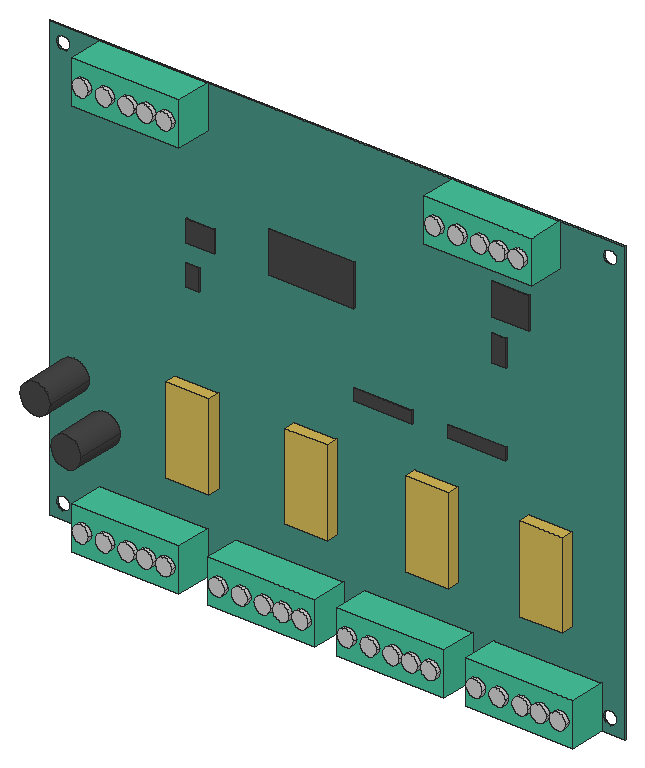
Revit family "TYCO-FPP-FireClass-FC410QMO QUAD MONITORED OP", category Electrical Fixtures, Revit 2014
Parameters (values of type "TYCO-FPP-FireClass-FC410QMO QUAD MONITORED OP")
  Width = 134 mm  # constant formula
  URL = "https://fireclass.co.uk/en/emea/Pages/ProductDetail.aspx?productdetail=Addressable+Modules"
  Type Comments = "The FC410QMO comprises of four monitored relay outputs\r\nthat are suitable for 24Vdc sounders."
  Storage Temparature = "40 to +80 oC"
  ST = ST12
  RSS = res
  RS = RS
  PCB = PCB
  Operating Temperature = "-25 to +70 oC"
  Operating Humidity = "Up to 95 %"
  EOLResistor Value = "27k Ohm"
  Model = "FireClass -555.800.770"
  Relay Contacts = "2A @ 30Vdc"
  Manufacturer = "Tyco"
  Length = 103 mm  # constant formula
  Keynote = "to the MZX Digital loop and requires a 24Vdc or 48Vdc\r\npower supply."
  Description = "Quad Output Unit"
  Approvals = "EN54-17 and EN54-18"
Reference planes
  plane 1 "Center (Front/Back)": y = 0
  plane 2: z = 0
  plane 3 "Center (Left/Right)": x = 0
  plane 4: z = 51.5
  plane 5: z = -51.5
  plane 6: x = -67
  plane 7: x = 67
Forms (mm)
  Extrusion 1, solid, material "PCB" <- "PCB", detail levels fine
    sketch origin (0, 0, 0) x (1, 0, 0) y (0, 0, 1)
      loop
        line (-67, 51.5) -> (-67, -51.5) -> (67, -51.5) -> (67, 51.5) -> (-67, 51.5)
      loop
        circle (63.688, 48.024) r 1.524
      loop
        circle (63.688, -48.024) r 1.524
      loop
        circle (-63.688, 48.024) r 1.524
      loop
        circle (-63.688, -48.024) r 1.524
    from 0 to -0.202
  Extrusion 2, solid, material "ST12" <- "ST", detail levels fine
    sketch origin (0, 0, 0) x (1, 0, 0) y (0, 0, 1)
      loop
        circle (-54.105, -28.995) r 3.518
      loop
        circle (-61.311, -20.407) r 3.518
    from 0 to 11.235
  Extrusion 3, solid, material "RS" <- "RS", detail levels fine
    sketch origin (0, 0, 0) x (1, 0, 0) y (0, 0, 1)
      loop
        line (-37.627, -32.282) -> (-27.627, -32.282) -> (-27.627, -12.282) -> (-37.627, -12.282) -> (-37.627, -32.282)
      loop
        line (-10, -32.282) -> (0, -32.282) -> (0, -12.282) -> (-10, -12.282) -> (-10, -32.282)
      loop
        line (18.186, -32.282) -> (28.186, -32.282) -> (28.186, -12.282) -> (18.186, -12.282) -> (18.186, -32.282)
      loop
        line (44.729, -32.282) -> (54.729, -32.282) -> (54.729, -12.282) -> (44.729, -12.282) -> (44.729, -32.282)
    from 0 to 2.827
  Extrusion 4, solid, material "ST12" <- "ST", detail levels fine
    sketch origin (0, 0, 0) x (1, 0, 0) y (0, 0, 1)
      loop
        line (-34.99, 21.563) -> (-34.99, 16.563) -> (-28.417, 16.563) -> (-28.417, 21.563) -> (-34.99, 21.563)
      loop
        line (-15.625, 26.182) -> (-15.625, 16.563) -> (4.095, 16.563) -> (4.095, 26.182) -> (-15.625, 26.182)
      loop
        line (4.095, -2.777) -> (17.598, -2.777) -> (17.598, 0) -> (4.095, 0) -> (4.095, -2.777)
      loop
        line (25.948, -2.777) -> (39.45, -2.777) -> (39.45, 0) -> (25.948, 0) -> (25.948, -2.777)
      loop
        line (-34.99, 12.307) -> (-34.99, 7.307) -> (-32.066, 7.307) -> (-32.066, 12.307) -> (-34.99, 12.307)
      loop
        line (36.272, 33.568) -> (36.272, 26.182) -> (44.799, 26.182) -> (44.799, 33.568) -> (36.272, 33.568)
      loop
        line (36.272, 22.704) -> (36.272, 16.563) -> (39.45, 16.563) -> (39.45, 22.704) -> (36.272, 22.704)
    from 0 to 0.208
  Extrusion 5, solid, material "res" <- "RSS", detail levels fine
    sketch origin (0, 0, 0) x (1, 0, 0) y (0, 0, 1)
      loop
        line (-55.155, 51.5) -> (-55.155, 41.5) -> (-30.155, 41.5) -> (-30.155, 51.5) -> (-55.155, 51.5)
      loop
        line (26.905, 51.5) -> (26.905, 41.5) -> (51.905, 41.5) -> (51.905, 51.5) -> (26.905, 51.5)
      loop
        line (-55.155, -41.5) -> (-55.155, -51.5) -> (-30.155, -51.5) -> (-30.155, -41.5) -> (-55.155, -41.5)
      loop
        line (-23.452, -41.5) -> (-23.452, -51.5) -> (1.548, -51.5) -> (1.548, -41.5) -> (-23.452, -41.5)
      loop
        line (6.548, -41.5) -> (6.548, -51.5) -> (31.548, -51.5) -> (31.548, -41.5) -> (6.548, -41.5)
      loop
        line (36.548, -41.5) -> (36.548, -51.5) -> (61.548, -51.5) -> (61.548, -41.5) -> (36.548, -41.5)
    from 0 to 8.284
  Extrusion 6, solid, material "RSS(1)", detail levels fine
    sketch origin (0, -8.284, 0) x (1, 0, 0) y (0, 0, 1)
      loop
        circle (-52.483, -46.482) r 1.889
      loop
        circle (-47.109, -46.482) r 1.889
      loop
        circle (-41.796, -46.482) r 1.889
      loop
        circle (-37.494, -46.482) r 1.889
      loop
        circle (-33.047, -46.482) r 1.889
      loop
        circle (-20.78, -46.482) r 1.889
      loop
        circle (-15.407, -46.482) r 1.889
      loop
        circle (-10.094, -46.482) r 1.889
      loop
        circle (-5.792, -46.482) r 1.889
      loop
        circle (-1.345, -46.482) r 1.889
      loop
        circle (9.22, -46.482) r 1.889
      loop
        circle (14.593, -46.482) r 1.889
      loop
        circle (19.906, -46.482) r 1.889
      loop
        circle (24.208, -46.482) r 1.889
      loop
        circle (28.655, -46.482) r 1.889
      loop
        circle (39.22, -46.482) r 1.889
      loop
        circle (44.593, -46.482) r 1.889
      loop
        circle (49.906, -46.482) r 1.889
      loop
        circle (54.208, -46.482) r 1.889
      loop
        circle (58.655, -46.482) r 1.889
      loop
        circle (29.577, 46.518) r 1.889
      loop
        circle (34.95, 46.518) r 1.889
      loop
        circle (40.263, 46.518) r 1.889
      loop
        circle (44.566, 46.518) r 1.889
      loop
        circle (49.012, 46.518) r 1.889
      loop
        circle (-52.483, 46.518) r 1.889
      loop
        circle (-47.109, 46.518) r 1.889
      loop
        circle (-41.796, 46.518) r 1.889
      loop
        circle (-37.494, 46.518) r 1.889
      loop
        circle (-33.047, 46.518) r 1.889
    from 0 to 0.851
Lines and regions (mm)
  model lines, detail levels coarse+medium
    curve 1: line (-67, 0, 51.5) -> (67, 0, 51.5)
    curve 2: line (-67, 0, -51.5) -> (-67, 0, 51.5)
    curve 3: line (67, 0, -51.5) -> (-67, 0, -51.5)
    curve 4: line (67, 0, 51.5) -> (67, 0, -51.5)
Dimensions and locks
  equal spacing: plane 4, plane 2, plane 5
  "Length": plane 4 to plane 5
  equal spacing: plane 7, plane 3 "Center (Left/Right)", plane 6
  "Width": plane 7 to plane 6
  aligned and locked: level to plane 2
  aligned and locked: Extrusion 1 sketch curve to plane 4
  aligned and locked: plane 6 to Extrusion 1 sketch curve
  aligned and locked: Extrusion 1 sketch curve to plane 5
  aligned and locked: plane 7 to Extrusion 1 sketch curve
  aligned and locked: Extrusion 2 to plane 1 "Center (Front/Back)"
  aligned and locked: Extrusion 3 to plane 1 "Center (Front/Back)"
  aligned and locked: Extrusion 4 to plane 1 "Center (Front/Back)"
  aligned and locked: Extrusion 5 to plane 1 "Center (Front/Back)"
  aligned and locked: Extrusion 6 to Extrusion 5
  aligned and locked: curve 1 to plane 4
  aligned and locked: plane 7 to curve 4
  aligned and locked: curve 3 to plane 5
  aligned and locked: plane 6 to curve 2
Automatic sketch dimensions
  plane 6 to Extrusion 1 sketch curve = 3.312 mm  (x2)
  plane 7 to Extrusion 1 sketch curve = 3.312 mm  (x2)
  Extrusion 1 sketch curve to plane 5 = 3.476 mm  (x2)
  Extrusion 1 sketch curve to plane 4 = 3.476 mm  (x2)
  plane 6 to Extrusion 2 sketch curve = 5.689 mm
  Extrusion 2 sketch curve to Extrusion 2 sketch curve = 7.206 mm
  Extrusion 2 sketch curve to plane 5 = 22.505 mm
  Extrusion 2 sketch curve to Extrusion 2 sketch curve = 8.588 mm
  Extrusion 3 sketch curve to plane 3 "Center (Left/Right)" = 0 mm
  Extrusion 3 sketch curve to Extrusion 3 sketch curve = 10 mm  (x4)
  Extrusion 3 sketch curve to Extrusion 3 sketch curve = 17.627 mm
  plane 3 "Center (Left/Right)" to Extrusion 3 sketch curve = 18.186 mm
  Extrusion 3 sketch curve to Extrusion 3 sketch curve = 16.543 mm
  Extrusion 3 sketch curve to plane 5 = 19.218 mm  (x2)
  Extrusion 3 sketch curve to Extrusion 3 sketch curve = 0 mm  (x2)
  Extrusion 3 sketch curve to level = 12.282 mm  (x4)
  Extrusion 4 sketch curve to level = 0 mm  (x2)
  plane 6 to Extrusion 4 sketch curve = 32.01 mm
  Extrusion 4 sketch curve to Extrusion 4 sketch curve = 0 mm  (x3)
  Extrusion 4 sketch curve to Extrusion 4 sketch curve = 2.925 mm
  Extrusion 4 sketch curve to Extrusion 4 sketch curve = 6.574 mm
  Extrusion 4 sketch curve to Extrusion 4 sketch curve = 12.792 mm
  plane 3 "Center (Left/Right)" to Extrusion 4 sketch curve = 4.095 mm  (x2)
  Extrusion 4 sketch curve to Extrusion 4 sketch curve = 13.502 mm  (x2)
  Extrusion 4 sketch curve to level = 2.777 mm  (x2)
  Extrusion 4 sketch curve to Extrusion 4 sketch curve = 8.35 mm
  Extrusion 4 sketch curve to Extrusion 4 sketch curve = 10.324 mm
  Extrusion 4 sketch curve to Extrusion 4 sketch curve = 3.179 mm
  Extrusion 4 sketch curve to Extrusion 4 sketch curve = 5.349 mm
  level to Extrusion 4 sketch curve = 7.307 mm
  Extrusion 4 sketch curve to Extrusion 4 sketch curve = 5 mm  (x2)
  Extrusion 4 sketch curve to Extrusion 4 sketch curve = 4.256 mm
  Extrusion 4 sketch curve to Extrusion 4 sketch curve = 16.563 mm
  Extrusion 4 sketch curve to Extrusion 4 sketch curve = 6.141 mm
  Extrusion 4 sketch curve to Extrusion 4 sketch curve = 3.478 mm
  Extrusion 4 sketch curve to Extrusion 4 sketch curve = 9.619 mm
  Extrusion 4 sketch curve to Extrusion 4 sketch curve = 7.386 mm
  Extrusion 5 sketch curve to plane 4 = 0 mm  (x2)
  Extrusion 5 sketch curve to plane 5 = 0 mm  (x4)
  plane 6 to Extrusion 5 sketch curve = 11.845 mm  (x2)
  Extrusion 5 sketch curve to Extrusion 5 sketch curve = 25 mm  (x3)
  Extrusion 5 sketch curve to plane 5 = 10 mm  (x2)
  Extrusion 5 sketch curve to Extrusion 5 sketch curve = 6.702 mm
  plane 3 "Center (Left/Right)" to Extrusion 5 sketch curve = 1.548 mm
  Extrusion 5 sketch curve to Extrusion 5 sketch curve = 5 mm  (x2)
  plane 3 "Center (Left/Right)" to Extrusion 5 sketch curve = 26.905 mm
  plane 7 to Extrusion 5 sketch curve = 15.095 mm
  plane 7 to Extrusion 5 sketch curve = 5.452 mm
  Extrusion 5 sketch curve to Extrusion 5 sketch curve = 0 mm  (x2)
  Extrusion 5 sketch curve to plane 4 = 10 mm  (x2)
  Extrusion 6 sketch curve to Extrusion 5 = 2.672 mm  (x5)
  Extrusion 6 sketch curve to Extrusion 6 sketch curve = 5.373 mm  (x5)
  Extrusion 6 sketch curve to Extrusion 6 sketch curve = 5.313 mm  (x4)
  Extrusion 6 sketch curve to Extrusion 6 sketch curve = 4.302 mm  (x4)
  Extrusion 6 sketch curve to Extrusion 5 = 2.892 mm  (x5)
  Extrusion 5 to Extrusion 6 sketch curve = 2.697 mm
  Extrusion 6 sketch curve to Extrusion 5 = 1.75 mm
  Extrusion 6 sketch curve to Extrusion 5 = 1.971 mm
  Extrusion 5 to Extrusion 6 sketch curve = 1.597 mm
  Extrusion 6 sketch curve to Extrusion 5 = 3.716 mm
  Extrusion 6 sketch curve to Extrusion 5 = 1.999 mm
  Extrusion 5 to Extrusion 6 sketch curve = 2.303 mm
  Extrusion 6 sketch curve to Extrusion 5 = 4.982 mm  (x18)
  Extrusion 6 sketch curve to Extrusion 6 sketch curve = 0 mm  (x12)
  radius of Extrusion 1 sketch curve = 1.524 mm  (x4)
  radius of Extrusion 2 sketch curve = 3.518 mm  (x2)
  radius of Extrusion 6 sketch curve = 1.889 mm  (x30)
Connectors
  electrical at (0, 0.202, 0)
    settings: on Extrusion 1, index 1, voltage 24 V, apparent load 0 VA, apparent load phase1 0 VA, apparent load phase2 0 VA, apparent load phase3 0 VA, power factor 1, load classification "Other", number of poles 1, system type 31, power factor state 1, is connector primary yes, connector utility no, sub classification motor no, connector description ""
